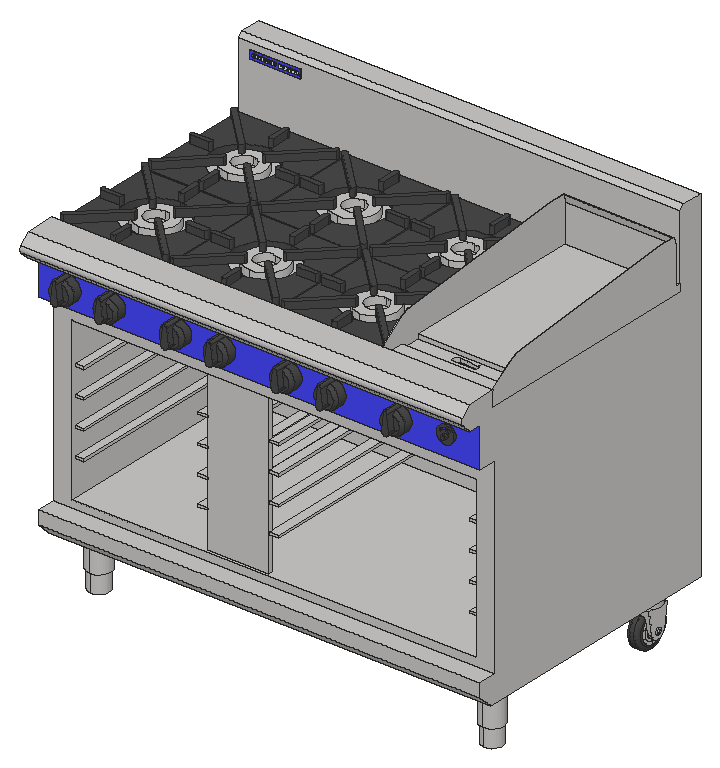
Revit family "QF_MOFFAT_BLUESEAL_CE_G518C-CB", category Specialty Equipment, Revit 2012 (continued)
Definition of nested family "GAS BURNER 900 & GRIDDLE 300"
  Definition of nested family "GAS BURNER 900"
    Automatic sketch dimensions
      curve 110 to plane 8 "Center X" = 11.398 mm
      curve 81 to curve 59 = 6.0 mm
      curve 231 to curve 230 = 6.0 mm
      curve 78 to curve 80 = 0.0 mm
      curve 68 to curve 90 = 1.602 mm
      plane 8 "Center X" to curve 108 = 6.398 mm
      plane 8 "Center X" to curve 53 = 6.398 mm
      plane 8 "Center X" to curve 249 = 6.398 mm
      curve 252 to curve 249 = 49.204 mm
      curve 51 to curve 214 = 9.316 mm
      curve 108 to curve 107 = 49.204 mm
      curve 250 to curve 223 = 9.316 mm
      curve 106 to curve 216 = 9.316 mm
      curve 223 to curve 285 = 29.082 mm
      curve 220 to curve 234 = 8.722 mm
      curve 284 to curve 234 = 8.754 mm
      curve 35 to curve 103 = 27.0 mm
      curve 29 to curve 34 = 27.0 mm
      curve 220 to curve 247 = 27.0 mm
      curve 187 to curve 6 = 29.278 mm
      curve 284 to curve 219 = 29.278 mm
      curve 24 to curve 219 = 0.0 mm
      curve 298 to curve 242 = 49.778 mm
      curve 7 to curve 44 = 0.0 mm
      curve 193 to curve 95 = 29.278 mm
      curve 24 to curve 24 = 6.4 mm
      curve 95 to curve 98 = 6.4 mm
      curve 239 to curve 242 = 6.4 mm
      curve 7 to curve 8 = 6.4 mm
      curve 45 to curve 44 = 6.4 mm
      curve 219 to curve 219 = 6.4 mm
      curve 218 to curve 284 = 8.601 mm
      curve 37 to curve 42 = 9.816 mm
      curve 222 to curve 226 = 9.816 mm
      curve 31 to curve 13 = 9.816 mm
      plane 1 "BACK" to curve 16 = 25.398 mm
      plane 1 "BACK" to curve 41 = 25.398 mm
      plane 1 "BACK" to Extrusion 1 sketch curve = 0.0 mm
      plane 5 "FRONT" to Extrusion 1 sketch curve = 0.0 mm
      plane 3 "LEFT" to Extrusion 1 sketch curve = 1.0 mm  (x2)
      plane 1 "BACK" to Extrusion 1 sketch curve = 3.0 mm  (x2)
      plane 8 "Center X" to Extrusion 1 sketch curve = 149.0 mm
      plane 8 "Center X" to Extrusion 1 sketch curve = 2.0 mm  (x2)
      Extrusion 1 sketch curve to plane 8 "Center X" = 1.0 mm
      Extrusion 1 sketch curve to Extrusion 1 sketch curve = 3.0 mm  (x3)
      Extrusion 1 sketch curve to plane 8 "Center X" = 151.0 mm
      Extrusion 1 sketch curve to plane 5 "FRONT" = 3.0 mm  (x2)
      plane 3 "LEFT" to Extrusion 1 sketch curve = 149.991 mm  (x2)
      Extrusion 1 sketch curve to plane 7 "Center Y" = 154.0 mm
      Extrusion 1 sketch curve to Extrusion 1 sketch curve = 0.0 mm
      Extrusion 2 sketch curve to Extrusion 1 = 22.602 mm  (x2)
      Extrusion 2 sketch curve to Extrusion 1 = 25.398 mm  (x2)
      Extrusion 2 sketch curve to Extrusion 2 sketch curve = 4.525 mm  (x16)
      Extrusion 2 sketch curve to Extrusion 2 sketch curve = 49.204 mm  (x5)
      Extrusion 2 sketch curve to Extrusion 2 sketch curve = 55.923 mm  (x5)
      Extrusion 2 sketch curve to Extrusion 2 sketch curve = 0.0 mm  (x5)
      Extrusion 2 sketch curve to Extrusion 2 sketch curve = 20.524 mm  (x8)
      Extrusion 2 sketch curve to Extrusion 2 sketch curve = 6.4 mm  (x8)
      Extrusion 2 sketch curve to Extrusion 2 sketch curve = 53.847 mm  (x8)
      Extrusion 2 sketch curve to Extrusion 1 = 56.602 mm
      Extrusion 2 sketch curve to Extrusion 1 = 5.102 mm  (x6)
      Extrusion 2 sketch curve to Extrusion 1 = 13.653 mm  (x2)
      Extrusion 2 sketch curve to Extrusion 1 = 7.398 mm  (x2)
      Extrusion 2 sketch curve to Extrusion 1 = 4.602 mm  (x2)
      Extrusion 2 sketch curve to Extrusion 1 = 7.898 mm  (x4)
      Extrusion 2 sketch curve to Extrusion 1 = 31.653 mm  (x2)
      Extrusion 2 sketch curve to Extrusion 1 = 57.102 mm
      Extrusion 2 sketch curve to Extrusion 1 = 14.153 mm
      Extrusion 3 sketch curve to Extrusion 3 sketch curve = 0.0 mm  (x24)
      plane 1 "BACK" to Extrusion 3 sketch curve = 109.5 mm
      Extrusion 3 sketch curve to Extrusion 3 sketch curve = 27.0 mm  (x2)
      Extrusion 3 sketch curve to Extrusion 3 sketch curve = 30.0 mm  (x2)
      Extrusion 3 sketch curve to plane 8 "Center X" = 92.0 mm
      plane 3 "LEFT" to Extrusion 3 sketch curve = 150.0 mm  (x2)
      plane 1 "BACK" to Extrusion 4 sketch curve = 0.0 mm
      plane 5 "FRONT" to Extrusion 4 sketch curve = 0.0 mm
      plane 1 "BACK" to Extrusion 4 sketch curve = 3.0 mm  (x2)
      plane 7 "Center Y" to Extrusion 4 sketch curve = 0.009 mm  (x2)
      plane 8 "Center X" to Extrusion 4 sketch curve = 149.0 mm
      plane 8 "Center X" to Extrusion 4 sketch curve = 2.0 mm  (x2)
      Extrusion 4 sketch curve to plane 8 "Center X" = 1.0 mm
      Extrusion 4 sketch curve to Extrusion 4 sketch curve = 3.0 mm  (x3)
      Extrusion 4 sketch curve to plane 8 "Center X" = 151.0 mm
      Extrusion 4 sketch curve to plane 5 "FRONT" = 3.0 mm  (x2)
      Extrusion 4 sketch curve to plane 7 "Center Y" = 146.0 mm  (x2)
      plane 7 "Center Y" to Extrusion 4 sketch curve = 146.0 mm  (x2)
      Extrusion 5 sketch curve to Extrusion 4 = 22.602 mm  (x2)
      Extrusion 5 sketch curve to Extrusion 4 = 25.398 mm  (x2)
      Extrusion 5 sketch curve to Extrusion 5 sketch curve = 4.525 mm  (x16)
      Extrusion 5 sketch curve to Extrusion 5 sketch curve = 49.204 mm  (x4)
      Extrusion 5 sketch curve to Extrusion 5 sketch curve = 55.923 mm  (x5)
      Extrusion 5 sketch curve to Extrusion 5 sketch curve = 0.0 mm  (x6)
      Extrusion 5 sketch curve to Extrusion 5 sketch curve = 20.524 mm  (x7)
      Extrusion 5 sketch curve to Extrusion 5 sketch curve = 6.4 mm  (x8)
      Extrusion 5 sketch curve to Extrusion 5 sketch curve = 53.847 mm  (x8)
      Extrusion 5 sketch curve to Extrusion 4 = 56.602 mm
      Extrusion 5 sketch curve to Extrusion 4 = 5.102 mm  (x6)
      Extrusion 5 sketch curve to Extrusion 4 = 13.653 mm  (x2)
      Extrusion 5 sketch curve to Extrusion 4 = 7.398 mm  (x2)
      Extrusion 5 sketch curve to Extrusion 4 = 4.602 mm  (x2)
      Extrusion 5 sketch curve to Extrusion 4 = 7.898 mm  (x4)
      Extrusion 5 sketch curve to Extrusion 4 = 31.653 mm  (x2)
      Extrusion 5 sketch curve to Extrusion 4 = 57.102 mm  (x2)
      Extrusion 5 sketch curve to Extrusion 4 = 14.153 mm
      Extrusion 6 sketch curve to Extrusion 6 sketch curve = 0.0 mm  (x24)
      Extrusion 6 sketch curve to plane 7 "Center Y" = 0.0 mm  (x2)
      plane 1 "BACK" to Extrusion 6 sketch curve = 109.5 mm
      Extrusion 6 sketch curve to Extrusion 6 sketch curve = 27.0 mm  (x2)
      Extrusion 6 sketch curve to Extrusion 6 sketch curve = 30.0 mm  (x2)
      Extrusion 6 sketch curve to plane 8 "Center X" = 92.0 mm
      Extrusion 7 sketch curve to Extrusion 1 = 22.602 mm  (x2)
      Extrusion 7 sketch curve to Extrusion 1 = 25.398 mm  (x2)
      Extrusion 7 sketch curve to Extrusion 7 sketch curve = 4.525 mm  (x16)
      Extrusion 7 sketch curve to Extrusion 7 sketch curve = 49.204 mm  (x6)
      Extrusion 7 sketch curve to Extrusion 7 sketch curve = 55.923 mm  (x7)
      Extrusion 7 sketch curve to Extrusion 7 sketch curve = 0.0 mm  (x7)
      Extrusion 7 sketch curve to Extrusion 7 sketch curve = 20.524 mm  (x7)
      Extrusion 7 sketch curve to Extrusion 7 sketch curve = 6.4 mm  (x8)
      Extrusion 7 sketch curve to Extrusion 7 sketch curve = 53.847 mm  (x8)
      Extrusion 7 sketch curve to Extrusion 1 = 56.602 mm
      Extrusion 7 sketch curve to Extrusion 1 = 13.653 mm  (x2)
      Extrusion 7 sketch curve to Extrusion 1 = 7.398 mm  (x2)
      Extrusion 7 sketch curve to Extrusion 1 = 4.602 mm  (x2)
      Extrusion 7 sketch curve to Extrusion 1 = 31.653 mm  (x2)
      Extrusion 1 to Extrusion 7 sketch curve = 308.102 mm
      Extrusion 7 sketch curve to Extrusion 7 sketch curve = 9.051 mm  (x2)
      Extrusion 7 sketch curve to Extrusion 7 sketch curve = 2.796 mm  (x2)
      Extrusion 7 sketch curve to Extrusion 7 sketch curve = 128.447 mm  (x3)
      Extrusion 8 sketch curve to Extrusion 8 sketch curve = 0.0 mm  (x24)
      plane 1 "BACK" to Extrusion 8 sketch curve = 109.5 mm
      Extrusion 8 sketch curve to Extrusion 8 sketch curve = 27.0 mm  (x2)
      Extrusion 8 sketch curve to Extrusion 8 sketch curve = 30.0 mm  (x2)
      Extrusion 8 sketch curve to plane 8 "Center X" = 92.0 mm
      plane 4 "RIGHT" to Extrusion 8 sketch curve = 149.0 mm  (x2)
      plane 1 "BACK" to Extrusion 9 sketch curve = 0.0 mm
      plane 5 "FRONT" to Extrusion 9 sketch curve = 0.0 mm
      plane 4 "RIGHT" to Extrusion 9 sketch curve = 0.0 mm  (x2)
      plane 1 "BACK" to Extrusion 9 sketch curve = 3.0 mm  (x2)
      plane 8 "Center X" to Extrusion 9 sketch curve = 149.0 mm
      plane 8 "Center X" to Extrusion 9 sketch curve = 2.0 mm  (x2)
      Extrusion 9 sketch curve to plane 8 "Center X" = 1.0 mm
      Extrusion 9 sketch curve to Extrusion 9 sketch curve = 3.0 mm  (x3)
      Extrusion 9 sketch curve to plane 8 "Center X" = 151.0 mm
      Extrusion 9 sketch curve to plane 5 "FRONT" = 3.0 mm  (x2)
      plane 4 "RIGHT" to Extrusion 9 sketch curve = 148.991 mm  (x2)
      plane 7 "Center Y" to Extrusion 9 sketch curve = 155.0 mm  (x2)
      Extrusion 10 sketch curve to Extrusion 10 sketch curve = 0.0 mm  (x24)
      plane 1 "BACK" to Extrusion 10 sketch curve = 109.5 mm
      Extrusion 10 sketch curve to Extrusion 10 sketch curve = 27.0 mm  (x2)
      Extrusion 10 sketch curve to Extrusion 10 sketch curve = 30.0 mm  (x2)
      Extrusion 10 sketch curve to plane 8 "Center X" = 92.0 mm
      plane 4 "RIGHT" to Extrusion 10 sketch curve = 149.0 mm  (x2)
      curve 299 to plane 5 "FRONT" = 22.602 mm
      curve 54 to curve 52 = 49.204 mm
      curve 84 to curve 303 = 3.0 mm
      curve 302 to curve 303 = 3.0 mm
      curve 309 to curve 309 = 3.0 mm
      curve 162 to curve 310 = 18.796 mm
      curve 313 to plane 8 "Center X" = 17.653 mm
      curve 314 to plane 8 "Center X" = 8.602 mm
      plane 8 "Center X" to curve 316 = 3.602 mm
      curve 28 to curve 317 = 13.205 mm
      curve 319 to curve 308 = 0.0 mm
      curve 60 to curve 320 = 3.0 mm
      curve 62 to curve 321 = 0.0 mm
      plane 1 "BACK" to curve 322 = 0.0 mm
      curve 23 to curve 323 = 18.796 mm
      plane 1 "BACK" to curve 327 = 22.602 mm
      radius of Extrusion 1 sketch curve = 84.082 mm  (x2)
      radius of Extrusion 4 sketch curve = 84.082 mm  (x2)
      radius of Extrusion 9 sketch curve = 84.082 mm  (x2)
  Definition of nested family "GAS GRIDDLE PLATE 600"
    Parameters (values of type "GAS GRIDDLE PLATE 600")
      Width [instance] = 300.0 mm
      Weight in Pounds = 0
      URL Cutsheet = ""
      Type Mark [instance] = ""
      Status [instance] = ""
      Specification by User [instance] = ""
      Specification by Manufacturer = ""
      Serial Number = ""
      Seismic Rating = ""
      SMACNA No = ""
      Revision Code [instance] = ""
      Omniclass Number and Title = ""
      NAFEM Spec ID Number = ""
      Masterspec = ""
      Item Number [instance] = ""
      Installed By [instance] = ""
      Identify Quantity as Lot [instance] = yes
      Furnished By [instance] = ""
      Foodservice Equipment Identifier [instance] = yes
      Depth [instance] = 620.0 mm
      CSI MasterFormat = ""
      CSI Master Format = ""
    Reference planes
      plane 1 "BACK": y = 0
      plane 2: z = 0
      plane 3 "LEFT": x = 0
      plane 4 "RIGHT": x = 300
      plane 5 "FRONT": y = -620
      plane 6 "TOP": z = 142.5
      plane 7 "Center Y": x = 150
      plane 8 "Center X": y = -310
      plane 9: y = -530.997
      plane 10: y = -541.497
      plane 11: y = -503.25
      plane 12: y = -557.737
    Forms (mm)
      Extrusion 1, solid, material "QF_Finishes_Stainless Steel"
        sketch origin (0, 70.003, -874.5) x (0, 1, 0) y (0, 0, 1)
          loop
            line (-70, 875) -> (-70, 997.489) -> (-75.228, 1017) -> (-117.24, 1017) -> (-589.533, 971.523)
            arc (-589.533, 971.523) -> (-614.56, 965.803) -> (-637.306, 953.899) r 100
            line (-637.306, 953.899) -> (-690.003, 917) -> (-690.003, 875) -> (-70, 875)
        from 0 to 1.8
      Extrusion 2, solid, material "QF_Finishes_Stainless Steel"
        sketch origin (600, 70.003, -874.5) x (0, -1, 0) y (0, 0, 1)
          loop
            line (70, 875) -> (690.003, 875) -> (690.003, 917) -> (637.306, 953.899)
            arc (637.306, 953.899) -> (614.56, 965.803) -> (589.533, 971.523) r 100
            line (589.533, 971.523) -> (117.24, 1017) -> (75.228, 1017) -> (70, 997.489) -> (70, 875)
        from 300 to 301.2
      Extrusion 3, solid, material "QF_Finishes_Stainless Steel"
        sketch origin (150, 70.003, -874.5) x (0, 1, 0) y (0, 0, 1)
          loop
            line (-55, 895) -> (-573.253, 895) -> (-573.253, 884.5) -> (-627.74, 884.5) -> (-627.74, 895) -> (-690.003, 895) -> (-690.003, 875) -> (-55, 875) -> (-55, 895)
        from -148.2 to 150
      Extrusion 4, void
        sketch origin (150, -541.497, 10) x (0, -1, 0) y (1, 0, 0)
          loop
            arc (-7.497, 25.113) -> (-17.497, 35.113) -> (-27.497, 25.113) r 10
            line (-27.497, 25.113) -> (-27.497, -24.887)
            arc (-27.497, -24.887) -> (-17.497, -34.887) -> (-7.497, -24.887) r 10
            line (-7.497, -24.887) -> (-7.497, 25.113)
        from -41.4 to 40.142
      Extrusion 5, solid, material "QF_Finishes_Stainless Steel"
        sketch origin (0, 70.003, -874.5) x (0, 1, 0) y (0, 0, 1)
          loop
            line (-70, 875) -> (-70, 997.489) -> (-75.228, 1017) -> (-76.884, 1017) -> (-71.6, 997.278) -> (-71.6, 875) -> (-70, 875)
        from 0 to 298.8
    Cuts and joins
      Extrusion 4 cuts Extrusion 3
      joined: Extrusion 1, Extrusion 2, Extrusion 3, Extrusion 5
    Lines and regions (mm)
      symbolic lines
        curve 1: line (300, -503.25, 0) -> (0, -503.25, 0)
        curve 2: line (0, -557.737, 0) -> (300, -557.737, 0)
        curve 3: line (0, -1.68, 0) -> (300, -1.68, 0)
        curve 4: line (300, -1.68, 0) -> (300, -620, 0)
        curve 5: line (0, -620, 0) -> (0, -1.68, 0)
        curve 6: line (0, -620, 0) -> (300, -620, 0)
        curve 7: arc (175.113, -534, 0) -> (185.113, -524, 0) -> (175.113, -514, 0) r 10
        curve 8: line (175.113, -514, 0) -> (125.113, -514, 0)
        curve 9: arc (125.113, -514, 0) -> (115.113, -524, 0) -> (125.113, -534, 0) r 10
        curve 10: line (125.113, -534, 0) -> (175.113, -534, 0)
    Dimensions and locks
      equal spacing: plane 3 "LEFT", plane 7 "Center Y", plane 4 "RIGHT"
      "Width": plane 3 "LEFT" to plane 4 "RIGHT"
      equal spacing: plane 5 "FRONT", plane 8 "Center X", plane 1 "BACK"
      "Depth": plane 5 "FRONT" to plane 1 "BACK"
      locked: Extrusion 2 to Extrusion 2 at 1.2
      aligned and locked: level to plane 2
      aligned and locked: Extrusion 2 to plane 4 "RIGHT"
      aligned and locked: curve 1 to plane 11
      aligned and locked: plane 12 to curve 2
      aligned and locked: Extrusion 5 to cut or joined group of Extrusion 1, Extrusion 2, Extrusion 3, Extrusion 4, Extrusion 5
      aligned and locked: cut or joined group of Extrusion 1, Extrusion 2, Extrusion 3, Extrusion 4, Extrusion 5 to plane 4 "RIGHT"
    Automatic sketch dimensions
      Extrusion 1 sketch curve to plane 5 "FRONT" = 0.0 mm
      Extrusion 1 sketch curve to plane 6 "TOP" = 0.0 mm
      plane 12 to Extrusion 1 sketch curve = 9.566 mm
      plane 11 to Extrusion 1 sketch curve = 16.28 mm
      Extrusion 1 sketch curve to level = 2.516 mm
      plane 11 to Extrusion 1 sketch curve = 6.695 mm
      plane 1 "BACK" to Extrusion 1 sketch curve = 47.237 mm
      plane 1 "BACK" to Extrusion 1 sketch curve = 5.225 mm
      Extrusion 1 sketch curve to plane 1 "BACK" = 0.003 mm
      level to Extrusion 1 sketch curve = 0.5 mm
      Extrusion 1 sketch curve to Extrusion 1 sketch curve = 42.0 mm
      Extrusion 1 sketch curve to plane 6 "TOP" = 63.101 mm
      Extrusion 1 sketch curve to plane 6 "TOP" = 19.511 mm
      Extrusion 2 sketch curve to plane 6 "TOP" = 0.0 mm
      Extrusion 2 sketch curve to plane 5 "FRONT" = 0.0 mm
      plane 12 to Extrusion 2 sketch curve = 9.566 mm
      plane 11 to Extrusion 2 sketch curve = 16.28 mm
      Extrusion 2 sketch curve to level = 2.516 mm
      plane 11 to Extrusion 2 sketch curve = 6.695 mm
      plane 1 "BACK" to Extrusion 2 sketch curve = 47.237 mm
      plane 1 "BACK" to Extrusion 2 sketch curve = 5.225 mm
      Extrusion 2 sketch curve to plane 1 "BACK" = 0.003 mm
      level to Extrusion 2 sketch curve = 0.5 mm
      Extrusion 2 sketch curve to Extrusion 2 sketch curve = 42.0 mm
      Extrusion 2 sketch curve to plane 6 "TOP" = 63.101 mm
      Extrusion 2 sketch curve to plane 6 "TOP" = 19.511 mm
      Extrusion 3 sketch curve to plane 5 "FRONT" = 0.0 mm
      Extrusion 3 sketch curve to plane 12 = 0.0 mm
      Extrusion 3 sketch curve to plane 11 = 0.0 mm
      Extrusion 3 sketch curve to plane 1 "BACK" = 15.003 mm
      level to Extrusion 3 sketch curve = 0.5 mm
      level to Extrusion 3 sketch curve = 10.0 mm
      Extrusion 3 sketch curve to Extrusion 3 sketch curve = 10.5 mm  (x2)
      plane 1 "BACK" to Extrusion 5 sketch curve = 5.225 mm
      Extrusion 5 sketch curve to plane 1 "BACK" = 0.003 mm
      Extrusion 5 sketch curve to plane 6 "TOP" = 19.511 mm
      Extrusion 5 sketch curve to Extrusion 5 sketch curve = 1.6 mm
      Extrusion 5 sketch curve to Extrusion 5 sketch curve = 0.211 mm
      Extrusion 5 sketch curve to plane 6 "TOP" = 0.0 mm
      Extrusion 5 sketch curve to Extrusion 5 sketch curve = 1.656 mm
      level to Extrusion 5 sketch curve = 0.5 mm
      plane 11 to Extrusion 4 sketch curve = 10.75 mm
      Extrusion 4 sketch curve to Extrusion 4 sketch curve = 10.0 mm
      plane 3 "LEFT" to Extrusion 4 sketch curve = 125.113 mm
      Extrusion 4 sketch curve to Extrusion 4 sketch curve = 50.0 mm
      curve 6 to plane 3 "LEFT" = 0.0 mm
      curve 3 to plane 4 "RIGHT" = 0.0 mm
      plane 5 "FRONT" to curve 6 = 0.0 mm
      plane 11 to curve 8 = 10.75 mm
      plane 3 "LEFT" to curve 8 = 125.113 mm
      curve 10 to plane 12 = 23.737 mm
      curve 9 to curve 10 = 50.0 mm
      plane 1 "BACK" to curve 3 = 1.68 mm
